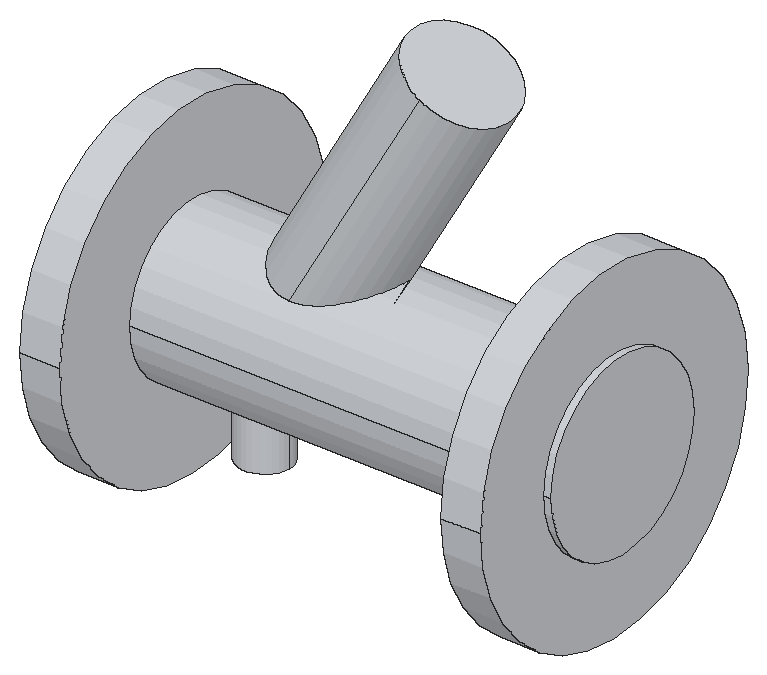
Revit family "HS 821-síto_standard-PN16-DN020-RFA_2019", category Pipe Accessories, Revit 2019
Family settings
  Round Connector Dimension = Use Diameter
  Part Type = Breaks Into
  Work Plane-Based = No
  Always vertical = Yes
  Cut with Voids When Loaded = No
  Shared = No
Parameters (values of type "821A-DN020-PN16-síto_standard")
  magiProductId = "41cd6c7a12924f4991217528336076"
  magiProductFamilyId = "79214ac3aaa945e397802f559f5c1e"
  magiPartTypeId = 307
  isMeasuringValve [instance] = no
  ang2D [instance] = 0.00°
  ZB__ve = -ZB  # -17.75 mm
  ZB1 = 22.68 mm
  ZB = 17.75 mm
  X2 = 51.673 mm
  X1 = 21 mm
  W2D = 15 mm
  VersionID = "2.0/2017.9.26.1/ZETKAMA_821_001"
  Use Minimum Symbol Size [instance] = yes
  URL = "www.hydronix.cz"
  Type Comments = "Filtr přírubový; síto standardní; A-PN16 (-10~300°C); D-PN25 (-10~350°C); F-PN40 (-10~400°C)"
  S = 56 mm
  QmdConnectorList = "301;D;302;D"
  Productdata [instance] = ""
  Manufacturer = "Hydronix"
  MC Product Code = "200 120 (821A; DN020; PN16; kvs11,2; oko síta 1,00mm)"
  LM1 = 12 mm
  LM = 120 mm
  L4 = 37.5 mm
  L2D_Min = 3048 mm
  L2D = 130 mm
  L2 = 75 mm
  HH2 = 89.5 mm
  FD = 105 mm
  Description = "Filtr přírubový; síto standardní; 821A-PN16; 821D-PN25; 821F-PN40"
  DM1 = 33.6 mm
  DM = 50.4 mm
  D = 20 mm
  CC = 2.55 mm
  CAT0 = yes
  C1 = 12.45 mm
  C = 15 mm
  BD = 15.876 mm
Types (40, lengths in mm): name | magiProductId | ZB__ve | ZB1 | ZB | X2 | X1 | S | MC Product Code | LM1 | LM | L4 | L2 | HH2 | FD | DM1 | DM | D | CC | C1 | C | BD
  821A-DN015-PN16-síto_standard | "a71bcfe8b393460598b23e8ddf7dc5" | -16.25 | 18.63 | 16.25 | 46.982 | 18.2 | 46 | "200 115 (821A; DN015; PN16; kvs6,3; oko síta 1,00mm)" | 10.4 | 104 | 32.5 | 65 | 81.375 | 95 | 27.6 | 41.4 | 15 | 2.21 | 10.79 | 13 | 13.041
  821A-DN020-PN16-síto_standard | "41cd6c7a12924f4991217528336076" | -17.75 | 22.68 | 17.75 | 51.673 | 21 | 56 | "200 120 (821A; DN020; PN16; kvs11,2; oko síta 1,00mm)" | 12 | 120 | 37.5 | 75 | 89.5 | 105 | 33.6 | 50.4 | 20 | 2.55 | 12.45 | 15 | 15.876
  821A-DN025-PN16-síto_standard | "be378b463ed14c3abf4c9b3ae8cf3a" | -19.25 | 26.325 | 19.25 | 58.601 | 22.4 | 65 | "200 125 (821A; DN025; PN16; kvs14,7; oko síta 1,00mm)" | 12.8 | 128 | 40 | 80 | 101.5 | 115 | 43.2 | 58.5 | 25 | 2.72 | 13.28 | 16 | 18.427
  821A-DN032-PN16-síto_standard | "227a0d18b21540afabe8b6067d35fa" | -23 | 30.78 | 23 | 68.849 | 25.2 | 76 | "200 132 (821A; DN032; PN16; kvs23,7; oko síta 1,00mm)" | 14.4 | 144 | 45 | 90 | 119.25 | 140 | 50.4 | 68.4 | 32 | 3.06 | 14.94 | 18 | 21.546
  821A-DN040-PN16-síto_standard | "d106917c74724141a10440112d0102" | -24.5 | 34.02 | 24.5 | 75.777 | 28 | 84 | "200 140 (821A; DN040; PN16; kvs37,7; oko síta 1,00mm)" | 16 | 160 | 50 | 100 | 131.25 | 150 | 60 | 75.6 | 40 | 3.4 | 16.6 | 20 | 23.814
  821A-DN050-PN16-síto_standard | "8255d456a09e4f6486734f5dd9171b" | -26.75 | 40.095 | 26.75 | 79.061 | 32.2 | 99 | "200 150 (821A; DN050 PN16; kvs57,9; oko síta 1,00mm)" | 18.4 | 184 | 57.5 | 115 | 136.938 | 165 | 73.8 | 89.1 | 50 | 3.91 | 19.09 | 23 | 28.066
  821A-DN065-PN16-síto_standard | "235b1b3e4c0843779a4d5e3716d40a" | -29.75 | 47.79 | 29.75 | 86.927 | 40.6 | 118 | "200 165 (821A; DN065; PN16; kvs101,5; oko síta 1,25mm)" | 23.2 | 232 | 72.5 | 145 | 150.562 | 185 | 94.2 | 106.2 | 65 | 4.93 | 24.07 | 29 | 33.453
  821A-DN080-PN16-síto_standard | "a067f7c5236348ed8c820d16df7214" | -32 | 53.46 | 32 | 104.753 | 43.4 | 132 | "200 180 (821A; DN080; PN16; kvs147,4; oko síta 1,25mm)" | 24.8 | 248 | 77.5 | 155 | 181.438 | 200 | 107.4 | 118.8 | 80 | 5.27 | 25.73 | 31 | 37.422
  821A-DN100-PN16-síto_standard | "c49a648c2747461285837d643703cd" | -35 | 63.18 | 35 | 114.857 | 49 | 156 | "200 190 (821A; DN100; PN16; kvs209,6; oko síta 1,60mm)" | 28 | 280 | 87.5 | 175 | 198.937 | 220 | 131.4 | 140.4 | 100 | 5.95 | 29.05 | 35 | 44.226
  821A-DN125-PN16-síto_standard | "bf68e728a163493cbd2a663b26ebdc" | -39.5 | 74.52 | 39.5 | 131.888 | 56 | 184 | "200 191 (821A; DN125; PN16; kvs326,2; oko síta 1,60mm)" | 32 | 320 | 100 | 200 | 228.438 | 250 | 165 | 165.6 | 125 | 6.8 | 33.2 | 40 | 52.164
  821A-DN150-PN16-síto_standard | "2de770284b654863ae6bc865769dc5" | -44.75 | 85.455 | 44.75 | 155.885 | 67.2 | 211 | "200 192 (821A; DN150; PN16; kvs403; oko síta 1,60mm)" | 38.4 | 384 | 120 | 240 | 270 | 285 | 192 | 189.9 | 150 | 8.16 | 39.84 | 48 | 59.818
  821A-DN200-PN16-síto_standard | "8e5693371ab64aabb29a7f08c76e15" | -53 | 107.73 | 53 | 188.361 | 84 | 266 | "200 193 (821A; DN200; PN16; kvs707; oko síta 1,60mm)" | 48 | 480 | 150 | 300 | 326.25 | 340 | 252 | 239.4 | 200 | 10.2 | 49.8 | 60 | 75.411
  821A-DN250-PN16-síto_standard | "05e37ed948c34047acdd4c42556504" | -62.75 | 129.195 | 62.75 | 255.911 | 102.2 | 319 | "200 194 (821A; DN250; PN16; kvs1234; oko síta 1,60mm)" | 58.4 | 584 | 182.5 | 365 | 443.25 | 405 | 309.6 | 287.1 | 250 | 12.41 | 60.59 | 73 | 90.436
  821A-DN300-PN16-síto_standard | "9ad0af747269428da925480d83ce80" | -71 | 149.85 | 71 | 325.914 | 119 | 370 | "200 195 (821A; DN300; PN16; kvs1916; oko síta 1,60mm)" | 68 | 680 | 212.5 | 425 | 564.5 | 460 | 369.6 | 333 | 300 | 14.45 | 70.55 | 85 | 104.895
  821A-DN350-PN16-síto_standard | "eebc71459bb3451bb4355e7951370a" | -80 | 173.745 | 80 | 356.875 | 137.2 | 429 | "200 196 (821A; DN350; PN16; kvs2621; oko síta 1,60mm)" | 78.4 | 784 | 245 | 490 | 618.125 | 520 | 438 | 386.1 | 350 | 16.66 | 81.34 | 98 | 121.621
  821A-DN400-PN16-síto_standard | "d2f677cb196647e385b2590e7d8abe" | -89 | 194.4 | 89 | 392.237 | 154 | 480 | "200 197 (821A; DN400; PN16; kvs3460; oko síta 1,60mm)" | 88 | 880 | 275 | 550 | 679.375 | 580 | 498 | 432 | 400 | 18.7 | 91.3 | 110 | 136.08
  821D-DN015-PN25-síto_standard | "27ddcbf555414f8ca1fde329bf9087" | -16.25 | 18.63 | 16.25 | 46.982 | 18.2 | 46 | "200 215 (821D; DN015; PN25; kvs6,3; oko síta 1,00mm)" | 10.4 | 104 | 32.5 | 65 | 81.375 | 95 | 27.6 | 41.4 | 15 | 2.21 | 10.79 | 13 | 13.041
  821D-DN020-PN25-síto_standard | "270e0f14012f47189cd0235c18faee" | -17.75 | 22.68 | 17.75 | 51.673 | 21 | 56 | "200 220 (821D; DN020; PN25; kvs11,2; oko síta 1,00mm)" | 12 | 120 | 37.5 | 75 | 89.5 | 105 | 33.6 | 50.4 | 20 | 2.55 | 12.45 | 15 | 15.876
  821D-DN025-PN25-síto_standard | "b9a7fb4aa36643878c637d8e1ab992" | -19.25 | 26.325 | 19.25 | 58.601 | 22.4 | 65 | "200 225 (821D; DN025; PN25; kvs14,7; oko síta 1,00mm)" | 12.8 | 128 | 40 | 80 | 101.5 | 115 | 43.2 | 58.5 | 25 | 2.72 | 13.28 | 16 | 18.427
  821D-DN032-PN25-síto_standard | "6be9a55c4e68400f94eec7e804204c" | -23 | 30.78 | 23 | 68.849 | 25.2 | 76 | "200 232 (821D; DN032; PN25; kvs23,7; oko síta 1,00mm)" | 14.4 | 144 | 45 | 90 | 119.25 | 140 | 50.4 | 68.4 | 32 | 3.06 | 14.94 | 18 | 21.546
  821D-DN040-PN25-síto_standard | "c54511bd7f584ec2984291479612cb" | -24.5 | 34.02 | 24.5 | 75.777 | 28 | 84 | "200 240 (821D; DN040; PN25; kvs37,7; oko síta 1,00mm)" | 16 | 160 | 50 | 100 | 131.25 | 150 | 60 | 75.6 | 40 | 3.4 | 16.6 | 20 | 23.814
  821D-DN050-PN25-síto_standard | "5483b1f596b04cd39b23a14a22c90e" | -26.75 | 40.095 | 26.75 | 79.061 | 32.2 | 99 | "200 250 (821D; DN050; PN25; kvs57,9; oko síta 1,00mm)" | 18.4 | 184 | 57.5 | 115 | 136.938 | 165 | 73.8 | 89.1 | 50 | 3.91 | 19.09 | 23 | 28.066
  821D-DN065-PN25-síto_standard | "767b0f8318e94750bc7a9930ed5b30" | -29.75 | 47.79 | 29.75 | 86.927 | 40.6 | 118 | "200 265 (821D; DN065; PN25; kvs101,5; oko síta 1,25mm)" | 23.2 | 232 | 72.5 | 145 | 150.562 | 185 | 94.2 | 106.2 | 65 | 4.93 | 24.07 | 29 | 33.453
  821D-DN080-PN25-síto_standard | "e21040fa3cc2404b858198f6b73709" | -32 | 53.46 | 32 | 104.753 | 43.4 | 132 | "200 280 (821D; DN080; PN25; kvs147,4; oko síta 1,25mm)" | 24.8 | 248 | 77.5 | 155 | 181.438 | 200 | 107.4 | 118.8 | 80 | 5.27 | 25.73 | 31 | 37.422
  821D-DN100-PN25-síto_standard | "175ca87a506b40b3bc6b82f12f33cf" | -37.25 | 63.18 | 37.25 | 114.857 | 49 | 156 | "200 290 (821D; DN100; PN25; kvs209,6; oko síta 1,60mm)" | 28 | 280 | 87.5 | 175 | 198.937 | 235 | 131.4 | 140.4 | 100 | 5.95 | 29.05 | 35 | 44.226
  821D-DN125-PN25-síto_standard | "77cc98d60da24855999a22dff726b2" | -42.5 | 74.52 | 42.5 | 131.888 | 56 | 184 | "200 291 (821D; DN125; PN25; kvs326,2; oko síta 1,60mm)" | 32 | 320 | 100 | 200 | 228.438 | 270 | 165 | 165.6 | 125 | 6.8 | 33.2 | 40 | 52.164
  821D-DN150-PN25-síto_standard | "9cf8acfcd15547d68e83172d3abcbe" | -47 | 85.455 | 47 | 155.885 | 67.2 | 211 | "200 292 (821D; DN150; PN25; kvs403; oko síta 1,60mm)" | 38.4 | 384 | 120 | 240 | 270 | 300 | 192 | 189.9 | 150 | 8.16 | 39.84 | 48 | 59.818
  821D-DN200-PN25-síto_standard | "16973f3c9ea14389ba8602495a6b64" | -56 | 110.97 | 56 | 188.361 | 84 | 274 | "200 293 (821D; DN200; PN25; kvs707; oko síta 1,60mm)" | 48 | 480 | 150 | 300 | 326.25 | 360 | 252 | 246.6 | 200 | 10.2 | 49.8 | 60 | 77.679
  821F-DN015-PN40-síto_standard | "4c7eaf3c4c0340888b3e684d8a8616" | -16.25 | 18.225 | 16.25 | 46.982 | 18.2 | 45 | "240 615 (821F; DN015; PN40; kvs6,3; oko síta 1,00mm)" | 10.4 | 104 | 32.5 | 65 | 81.375 | 95 | 27.6 | 40.5 | 15 | 2.21 | 10.79 | 13 | 12.757
  821F-DN020-PN40-síto_standard | "aaac5f1ec96b44d6ba96ac2293d66d" | -17.75 | 23.49 | 17.75 | 51.673 | 21 | 58 | "240 620 (821F; DN020; PN40; kvs11,2; oko síta 1,00mm)" | 12 | 120 | 37.5 | 75 | 89.5 | 105 | 33.6 | 52.2 | 20 | 2.55 | 12.45 | 15 | 16.443
  821F-DN025-PN40-síto_standard | "504768023968471481789485b54c7e" | -19.25 | 27.54 | 19.25 | 58.601 | 22.4 | 68 | "240 625 (821F; DN025; PN40; kvs14,7; oko síta 1,00mm)" | 12.8 | 128 | 40 | 80 | 101.5 | 115 | 43.2 | 61.2 | 25 | 2.72 | 13.28 | 16 | 19.278
  821F-DN032-PN40-síto_standard | "165e7f39cf744f329bdf1c400dad12" | -23 | 31.59 | 23 | 68.849 | 25.2 | 78 | "240 632 (821F; DN032; PN40; kvs23,7; oko síta 1,00mm)" | 14.4 | 144 | 45 | 90 | 119.25 | 140 | 50.4 | 70.2 | 32 | 3.06 | 14.94 | 18 | 22.113
  821F-DN040-PN40-síto_standard | "b8903f952089408fbf3a5a632bab1f" | -24.5 | 35.64 | 24.5 | 75.777 | 28 | 88 | "240 640 (821F; DN040; PN40; kvs37,7; oko síta 1,00mm)" | 16 | 160 | 50 | 100 | 131.25 | 150 | 60 | 79.2 | 40 | 3.4 | 16.6 | 20 | 24.948
  821F-DN050-PN40-síto_standard | "c451f97266fe48da8f879cb6a2bd44" | -26.75 | 41.31 | 26.75 | 79.061 | 32.2 | 102 | "240 650 (821F; DN050; PN40; kvs57,9; oko síta 1,00mm)" | 18.4 | 184 | 57.5 | 115 | 136.938 | 165 | 73.8 | 91.8 | 50 | 3.91 | 19.09 | 23 | 28.917
  821F-DN065-PN40-síto_standard | "dc9821e3f9b34e128f6a8c6b34c198" | -29.75 | 49.41 | 29.75 | 86.927 | 40.6 | 122 | "240 665 (821F; DN065; PN40; kvs101,5; oko síta 1,25mm)" | 23.2 | 232 | 72.5 | 145 | 150.562 | 185 | 94.2 | 109.8 | 65 | 4.93 | 24.07 | 29 | 34.587
  821F-DN080-PN40-síto_standard | "689aa1e260f84cf4994f027a1d86b5" | -32 | 55.89 | 32 | 104.753 | 43.4 | 138 | "240 680 (821F; DN080; PN40; kvs147,4; oko síta 1,25mm)" | 24.8 | 248 | 77.5 | 155 | 181.438 | 200 | 107.4 | 124.2 | 80 | 5.27 | 25.73 | 31 | 39.123
  821F-DN100-PN40-síto_standard | "8a45d4e8e2ab425f8c432f21d684f3" | -37.25 | 65.61 | 37.25 | 114.857 | 49 | 162 | "240 690 (821F; DN100; PN40; kvs209,6; oko síta 1,6mm)" | 28 | 280 | 87.5 | 175 | 198.937 | 235 | 131.4 | 145.8 | 100 | 5.95 | 29.05 | 35 | 45.927
  821F-DN125-PN40-síto_standard | "cf073904c006406b8645afa67ea2fc" | -42.5 | 76.14 | 42.5 | 131.888 | 56 | 188 | "240 691 (821F; DN125; PN40; kvs326,2; oko síta 1,6mm)" | 32 | 320 | 100 | 200 | 228.438 | 270 | 165 | 169.2 | 125 | 6.8 | 33.2 | 40 | 53.298
  821F-DN150-PN40-síto_standard | "0153b9ddabe14992a630484929fdbc" | -47 | 88.29 | 47 | 155.885 | 67.2 | 218 | "240 692 (821F; DN150; PN40; kvs403; oko síta 1,6mm)" | 38.4 | 384 | 120 | 240 | 270 | 300 | 192 | 196.2 | 150 | 8.16 | 39.84 | 48 | 61.803
  821F-DN200-PN40-síto_standard | "7fb3fc01dd8d42428c203e3f8dd4d5" | -56 | 115.425 | 56 | 188.361 | 84 | 285 | "240 693 (821F; DN200; PN40; kvs707; oko síta 1,6mm)" | 48 | 480 | 150 | 300 | 326.25 | 360 | 252 | 256.5 | 200 | 10.2 | 49.8 | 60 | 80.797
Reference planes
  plane 1 "Center (Front/Back)": y = 0
  plane 2 "XYPLANE": z = 0
  plane 3 "Center (Left/Right)": x = 0
  plane 4 "109": x = -48
  plane 5 "108": x = 60
  plane 6 "107": x = -60
  plane 7 "105": x = 75
  plane 8 "104": x = -75
  plane 9 "103": y = 0
  plane 10 "102": z = 0
  plane 11 "101": x = -72.45
  plane 12 "100": x = 72.45
  plane 13 "11": x = -27
  plane 14 "10": z = 89.5
  plane 15 "9": x = 24.673
  plane 16 "5": z = -22.68
  plane 17 "4": x = -37.5
  plane 18 "1": x = 37.5
Forms (mm)
  Extrusion 1, solid, visible <- "CAT0"
    sketch origin (-60, -750, 0) x (0, 1, 0) y (0, 0, 1)
      loop
        circle (750, 0) r 25.2
    from 0 to 120 <- "LM"
  Extrusion 2, solid
    sketch origin (-75, -750, 0) x (0, 1, 0) y (0, 0, 1)
      loop
        circle (750, 0) r 28
    from 0 to 2.55 <- "CC"
  Extrusion 3, solid
    sketch origin (-72.45, -750, 0) x (0, 1, 0) y (0, 0, 1)
      loop
        circle (750, 0) r 52.5
    from 0 to 12.45 <- "C1"
  Extrusion 4, solid
    sketch origin (60, -750, 0) x (0, 1, 0) y (0, 0, 1)
      loop
        circle (750, 0) r 52.5
    from 0 to 12.45 <- "C1"
  Extrusion 5, solid
    sketch origin (72.45, -750, 0) x (0, 1, 0) y (0, 0, 1)
      loop
        circle (750, 0) r 28
    from 0 to 2.55 <- "CC"
  Sweep 6, solid, visible <- "CAT0"
    path origin (750, 0, 0) x (-1, 0, 0) y (0, 0, 1)
      loop
        line (810, 0) -> (777, 0) -> (725.327, 89.5)
    profile origin (-60, 0, 0) x (0, 0, -1) y (0, 1, 0)
      loop
        circle (0, 0) r 16.8
  Extrusion 7, solid, visible <- "CAT0"
    sketch origin (-750, 0, -22.68) x (1, 0, 0) y (0, 1, 0)
      loop
        circle (712.5, 0) r 7.938
    from 0 to -17.75 <- "ZB__ve"
  Extrusion 8, solid, visible <- "CAT0"
    sketch origin (-750, 0, -22.68) x (1, 0, 0) y (0, 1, 0)
      loop
        circle (787.5, 0) r 7.938
    from 0 to -17.75 <- "ZB__ve"
  Extrusion 9, solid, not visible
    sketch origin (75, -750, 0) x (0, 1, 0) y (0, 0, 1)
      loop
        circle (750, 0) r 10
    from 0 to -10
  Extrusion 10, solid, not visible
    sketch origin (-75, -750, 0) x (0, 1, 0) y (0, 0, 1)
      loop
        circle (750, 0) r 10
    from 0 to 10
Lines and regions (mm)
  reference lines, not visible
    curve 1: circle (2, 2, 0) r 1 normal (0, 0, 1)
Dimensions and locks
  plane 1 "Center (Front/Back)" to curve 1 = 2 mm
  "LM1": plane 6 "107" to plane 4 "109"
  "LM": plane 6 "107" to plane 5 "108"
  "C": plane 8 "104" to plane 6 "107"
  "L2": plane 3 "Center (Left/Right)" to plane 7 "105"
  "L2": plane 3 "Center (Left/Right)" to plane 8 "104"
  locked: plane 1 "Center (Front/Back)" to plane 9 "103"
  locked: plane 2 "XYPLANE" to plane 10 "102"
  "CC": plane 8 "104" to plane 11 "101"
  "C1": plane 5 "108" to plane 12 "100"
  "X1": plane 4 "109" to plane 13 "11"
  "HH2": plane 2 "XYPLANE" to plane 14 "10"
  "X2": plane 13 "11" to plane 15 "9"
  "ZB1": plane 2 "XYPLANE" to plane 16 "5"
  "L4": plane 8 "104" to plane 17 "4"
  "L2": plane 17 "4" to plane 18 "1"
  Sweep 6 sketch curve to Sweep 6 sketch curve = 0 mm  (x2)
  "DM": diameter of Extrusion 1 sketch curve
  "S": diameter of Extrusion 2 sketch curve
  "FD": diameter of Extrusion 3 sketch curve
  "FD": diameter of Extrusion 4 sketch curve
  "S": diameter of Extrusion 5 sketch curve
  "DM1": diameter of Sweep 6 sketch curve
  "BD": diameter of Extrusion 7 sketch curve
  "BD": diameter of Extrusion 8 sketch curve
  aligned and locked: level to plane 2 "XYPLANE"
  aligned and locked: Extrusion 1 sketch curve to plane 9 "103"
  aligned and locked: plane 10 "102" to Extrusion 1 sketch curve
  aligned and locked: Extrusion 2 sketch curve to plane 9 "103"
  aligned and locked: plane 10 "102" to Extrusion 2 sketch curve
  aligned and locked: Extrusion 3 sketch curve to plane 9 "103"
  aligned and locked: plane 10 "102" to Extrusion 3 sketch curve
  aligned and locked: Extrusion 4 sketch curve to plane 9 "103"
  aligned and locked: plane 10 "102" to Extrusion 4 sketch curve
  aligned and locked: Extrusion 5 sketch curve to plane 9 "103"
  aligned and locked: plane 10 "102" to Extrusion 5 sketch curve
  aligned and locked: Sweep 6 sketch curve to plane 9 "103"
  aligned and locked: plane 10 "102" to Sweep 6 sketch curve  (x3)
  aligned and locked: plane 6 "107" to Sweep 6 sketch curve
  aligned and locked: plane 13 "11" to Sweep 6 sketch curve
  aligned and locked: plane 14 "10" to Sweep 6 sketch curve
  aligned and locked: plane 15 "9" to Sweep 6 sketch curve
  aligned and locked: plane 9 "103" to Extrusion 7 sketch curve
  aligned and locked: plane 17 "4" to Extrusion 7 sketch curve
  aligned and locked: plane 9 "103" to Extrusion 8 sketch curve
  aligned and locked: plane 18 "1" to Extrusion 8 sketch curve
  aligned and locked: Extrusion 9 sketch curve to plane 9 "103"
  aligned and locked: plane 10 "102" to Extrusion 9 sketch curve
  aligned and locked: Extrusion 10 sketch curve to plane 9 "103"
  aligned and locked: plane 10 "102" to Extrusion 10 sketch curve
Automatic sketch dimensions
  plane 1 "Center (Front/Back)" to Extrusion 9 sketch curve = 10 mm
  plane 1 "Center (Front/Back)" to Extrusion 10 sketch curve = 10 mm
  plane 3 "Center (Left/Right)" to curve 1 = 2 mm
  radius of curve 1 = 1 mm
Connectors
  piping at (-75, 0, 0), diameter 20, driven by "D"
    settings: on Extrusion 10, index 1, connector inside diameter 609.6 mm, connector length 0 mm, flow factor 0, pipe flow 0.0 L/s, pressure drop 0.0 Pa, fitting loss kfactor 0, connector angle 0.00°, fixture units 0, engagement length 0 mm, angle of deflection 0.00°, flow configuration 0, flow direction 0, fitting loss method 0, system type 29, joint type 0, gender type 0, connector reference index 2, connector utility 0, adjustable connector no, is connector primary yes, connector description ""
  piping at (75, 0, 0), diameter 20, driven by "D"
    settings: on Extrusion 9, index 2, connector inside diameter 609.6 mm, connector length 0 mm, flow factor 0, pipe flow 0.0 L/s, pressure drop 0.0 Pa, fitting loss kfactor 0, connector angle 0.00°, fixture units 0, engagement length 0 mm, angle of deflection 0.00°, flow configuration 0, flow direction 0, fitting loss method 0, system type 29, joint type 0, gender type 0, connector reference index 1, connector utility 0, adjustable connector no, is connector primary no, connector description ""
